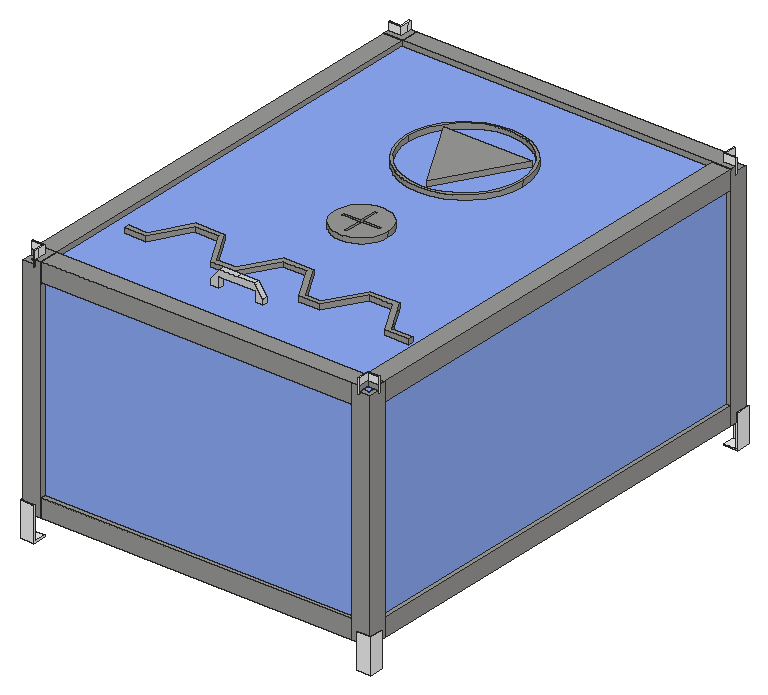
Revit family "5. Секция моноблока UTR AREZ", category Оборудование, Revit 2016
Family settings
  Тип детали = Нормальный
  Размер круглого соединителя = Использовать диаметр
  На основе рабочей плоскости = Нет
  Всегда вертикально = Да
  При загрузке вырезать с полостями = Нет
  Общий = Нет
  Точка расчета площади = Нет
Parameters (values of type "50-25 A.2.22-0,37x27(R)")
  ширина = 500 mm
  размер В = 635 mm
  значок = yes
  высота = 250 mm
  Теплопроизводительность, кВт = 26 kW
  Синий = Синий
  Д1 = Д - 20 mm  # 940 mm
  Д = 960 mm
  ножки(да/нет) [instance] = yes
  Г = 395 mm
  Б1 = Б - 20 mm  # 450 mm
  А1 = А - 20 mm  # 690 mm
  А = 710 mm
  высота ножек = 50 mm
  Б = 470 mm
  Частотный преобразователь [instance] = no
  Частота вращения n, об/мин = "2730"
  Тип, марка, обозначение = "UTR 50-25 AREZ.2.22-0,37x27(R)"
  Сила тока J, А = "1,66/0,96"
  Регулятор расхода [instance] = no
  Раздел = "ОВ"
  Примечание = ""
  Позиция = ""
  Напряжение U,В = "3х220/3х380"
  Наименование и тех.хар-ка = "Секция фильтра, водяного нагревателя и вентилятора с резервным электродвигателем"  # constant formula
  Мощность двигателя N,Вт = "370"
  Материал = RAL 0000 Серый металл
  Масса единицы = "77.5"
  Код, оборудования = ""
  Ключевая пометка = "Вентиляция"
  Задание электрикам [instance] = no
  Задание автоматчикам [instance] = no
  Завод изготовитель = "KORF"  # constant formula
  Единица измерения = "шт."  # constant formula
  h = высота ножек + 10 mm  # 60 mm
Types (46, lengths in mm): name | ширина | размер В | высота | Теплопроизводительность, кВт | Д1 | Д | ножки(да/нет) | Г | Б1 | А1 | А | Б | Частота вращения n, об/мин | Тип, марка, обозначение | Сила тока J, А | Напряжение U,В | Мощность двигателя N,Вт | Материал | Масса единицы
  50-25 A.2.22-0,37x27(R) | 500 | 635 | 250 | 26 kW | 940 | 960 | yes | 395 | 450 | 690 | 710 | 470 | "2730" | "UTR 50-25 AREZ.2.22-0,37x27(R)" | "1,66/0,96" | "3х220/3х380" | "370" | RAL 0000 Серый металл | "77.5"
  50-25 A.2.25-0,55x27(R) | 500 | 635 | 250 | 26 kW | 940 | 960 | no | 395 | 450 | 690 | 710 | 470 | "2730" | "UTR 50-25 AREZ.2.22-0,55x27(R)" | "2,47/1,43" | "3х220/3х380" | "550" | Сталь серая | "80.5"
  50-30 A.2.25-0,55x27(R) | 500 | 635 | 300 | 30.9 kW | 940 | 960 | no | 445 | 500 | 690 | 710 | 520 | "2730" | "UTR 50-30 AREZ.2.25-0,55x27(R)" | "2,47/1,43" | "3х220/3х380" | "550" | Сталь серая | "84.5"
  50-30 A.2.28-1,1x28(R) | 500 | 635 | 300 | 30.9 kW | 1040 | 1060 | no | 445 | 500 | 690 | 710 | 520 | "2800" | "UTR 50-30 AREZ.2.28-1,1x28(R)" | "4,4/2,52" | "3х220/3х380" | "1100" | Сталь серая | "95"
  50-30 A.2.31-1,1x28(R) | 500 | 635 | 300 | 30.9 kW | 1040 | 1060 | no | 445 | 500 | 690 | 710 | 520 | "2800" | "UTR 50-30 AREZ.2.31-1,1x28(R)" | "4,4/2,52" | "3х220/3х380" | "1100" | Сталь серая | "95"
  60-30 A.2.28-1,1x28(R) | 600 | 735 | 300 | 37.4 kW | 1040 | 1060 | no | 445 | 500 | 790 | 810 | 520 | "2800" | "UTR 60-30 AREZ.2.28-1,1x28(R)" | "4,4/2,52" | "3х220/3х380" | "1100" | Сталь серая | "101"
  60-30 A.2.31-1,1x28(R) | 600 | 735 | 300 | 37.4 kW | 1040 | 1060 | no | 445 | 500 | 790 | 810 | 520 | "2800" | "UTR 60-30 AREZ.2.31-1,1x28(R)" | "4,4/2,52" | "3х220/3х380" | "1100" | Сталь серая | "101"
  60-35 A.2.31-1,1x28(R) | 600 | 735 | 350 | 43.9 kW | 1040 | 1060 | no | 495 | 550 | 790 | 810 | 570 | "2800" | "UTR 60-35 AREZ.2.31-1,1x28(R)" | "4,4/2,52" | "3х220/3х380" | "1100" | Сталь серая | "105"
  60-35 A.2.31-1,5x28(R) | 600 | 735 | 350 | 43.9 kW | 1040 | 1060 | no | 495 | 550 | 790 | 810 | 570 | "2880" | "UTR 60-35 AREZ.2.31-1,5x28(R)" | "5,6/3,3" | "3х220/3х380" | "1500" | Сталь серая | "113.5"
  60-35 A.2.35-2,2x28(R) | 600 | 735 | 350 | 43.9 kW | 1120 | 1140 | no | 495 | 550 | 790 | 810 | 570 | "2860" | "UTR 60-35 AREZ.2.35-2,2x28(R)" | "8,0/4,6" | "3х220/3х380" | "2200" | Сталь серая | "122"
  70-40 A.2.31-1,1x28(R) | 700 | 835 | 400 | 58.5 kW | 1040 | 1060 | no | 545 | 600 | 890 | 910 | 620 | "2800" | "UTR 70-40 AREZ.2.31-1,1x28(R)" | "4,4/2,52" | "3х220/3х380" | "1100" | Сталь серая | "115"
  70-40 A.2.31-2,2x28(R) | 700 | 835 | 400 | 58.5 kW | 1120 | 1140 | no | 545 | 600 | 890 | 910 | 620 | "2860" | "UTR 70-40 AREZ.2.31-2,2x28(R)" | "8,0/4,6" | "3х220/3х380" | "2200" | Сталь серая | "131.5"
  70-40 A.2.35-2,2x28(R) | 700 | 835 | 400 | 58.5 kW | 1120 | 1140 | no | 545 | 600 | 890 | 910 | 620 | "2860" | "UTR 70-40 AREZ.2.35-2,2x28(R)" | "8,0/4,6" | "3х220/3х380" | "2200" | Сталь серая | "131.5"
  80-50 A.2.35-2,2x28(R) | 800 | 935 | 500 | 82.9 kW | 1120 | 1140 | no | 645 | 700 | 990 | 1010 | 720 | "2860" | "UTR 80-50 AREZ.2.35-2,2x28(R)" | "8,0/4,6" | "3х220/3х380" | "2200" | Сталь серая | "147"
  80-50 A.2.35-3,0x28(R) | 800 | 935 | 500 | 82.9 kW | 1120 | 1140 | no | 645 | 700 | 990 | 1010 | 720 | "2860" | "UTR 80-50 AREZ.2.35-3,0x28(R)" | "10,5/6,0" | "3х220/3х380" | "3000" | Сталь серая | "155.5"
  80-50 A.2.40-4,0x28(R) | 800 | 935 | 500 | 82.9 kW | 1240 | 1260 | no | 645 | 700 | 990 | 1010 | 720 | "2850" | "UTR 80-50 AREZ.2.40-4,0x28(R)" | "8,0/4,6" | "3х380/3х660" | "4000" | Сталь серая | "180.5"
  90-50 A.2.35-3,0x28(R) | 900 | 1050 | 500 | 92.6 kW | 1120 | 1140 | no | 645 | 720 | 1140 | 1160 | 740 | "2860" | "UTR 90-50 AREZ.2.35-3,0x28(R)" | "10,5/6,0" | "3х220/3х380" | "3000" | Сталь серая | "167.5"
  90-50 A.2.40-4,0x28(R) | 900 | 1050 | 500 | 92.6 kW | 1240 | 1260 | no | 645 | 720 | 1140 | 1160 | 740 | "2850" | "UTR 90-50 AREZ.2.40-4,0x28(R)" | "8,0/4,6" | "3х380/3х660" | "4000" | Сталь серая | "191.5"
  90-50 A.2.45-3,0x14(R) | 900 | 1050 | 500 | 92.6 kW | 1240 | 1260 | no | 645 | 720 | 1140 | 1160 | 740 | "1410" | "UTR 90-50 AREZ.2.45-3,0x14(R)" | "11,6/6,7" | "3х220/3х380" | "3000" | Сталь серая | "187.5"
  100-50 A.2.40-4,0x28(R) | 1000 | 1150 | 500 | 102.4 kW | 1240 | 1260 | yes | 665 | 720 | 1205 | 1225 | 740 | "2850" | "UTR 100-50 AREZ.2.40-4,0x28(R)" | "8,0/4,6" | "3х380/3х660" | "4000" | Сталь серая | "198.5"
  100-50 A.2.45-3,0x28(R) | 1000 | 1150 | 500 | 102.4 kW | 1240 | 1260 | no | 665 | 720 | 1205 | 1225 | 740 | "1410" | "UTR 100-50 AREZ.2.45-3,0x14(R)" | "11,6/6,7" | "3х220/3х380" | "3000" | Сталь серая | "196.5"
  100-50 A.2.45-4,0x14(R) | 1000 | 1150 | 500 | 102.4 kW | 1300 | 1320 | no | 665 | 720 | 1205 | 1225 | 740 | "1410" | "UTR 100-50 AREZ.2.45-4,0x14(R)" | "8,5/4,9" | "3х380/3х660" | "4000" | Сталь серая | "211"
  100-50 A.2.45-5,5x14(R) | 1000 | 1150 | 500 | 102.4 kW | 1300 | 1320 | no | 665 | 720 | 1205 | 1225 | 740 | "1430" | "UTR 100-50 AREZ.2.45-5,5x14(R)" | "11,0/6,5" | "3х380/3х660" | "5500" | Сталь серая | "233"
  50-25 A.3.22-0,37x27(R) | 500 | 635 | 250 | 31.4 kW | 940 | 960 | no | 395 | 450 | 690 | 710 | 470 | "2730" | "UTR 50-25 AREZ.3.22-0,37x27(R)" | "1,66/0,96" | "3х220/3х380" | "370" | Сталь серая | "80.5"
  50-25 A.3.22-0,55x27(R) | 500 | 635 | 250 | 31.4 kW | 940 | 960 | no | 395 | 450 | 690 | 710 | 470 | "2730" | "UTR 50-25 AREZ.3.22-0,55x27(R)" | "2,47/1,43" | "3х220/3х380" | "550" | Сталь серая | "81.5"
  50-30 A.3.25-0,55x27(R) | 500 | 635 | 300 | 37.3 kW | 940 | 960 | no | 445 | 500 | 690 | 710 | 520 | "2730" | "UTR 50-30 AREZ.3.25-0,55x27(R)" | "2,47/1,43" | "3х220/3х380" | "550" | Сталь серая | "85.5"
  50-30 A.3.28-1,1x28(R) | 500 | 635 | 300 | 37.3 kW | 1040 | 1060 | no | 445 | 500 | 690 | 710 | 520 | "2800" | "UTR 50-30 AREZ.3.28-1,1x28(R)" | "4,4/2,52" | "3х220/3х380" | "1100" | Сталь серая | "96"
  50-30 A.3.31-1,1x28(R) | 500 | 635 | 300 | 37.3 kW | 1040 | 1060 | no | 445 | 500 | 690 | 710 | 520 | "2800" | "UTR 50-30 AREZ.3.31-1,1x28(R)" | "4,4/2,52" | "3х220/3х380" | "1100" | Сталь серая | "96"
  60-30 A.3.28-1,1x28(R) | 600 | 735 | 300 | 45.2 kW | 1040 | 1060 | no | 445 | 500 | 790 | 810 | 520 | "2800" | "UTR 60-30 AREZ.3.28-1,1x28(R)" | "4,4/2,52" | "3х220/3х380" | "1100" | Сталь серая | "103"
  60-30 A.3.31-1,1x28(R) | 600 | 735 | 300 | 45.2 kW | 1040 | 1060 | no | 445 | 500 | 790 | 810 | 520 | "2800" | "UTR 60-30 AREZ.3.31-1,1x28(R)" | "4,4/2,52" | "3х220/3х380" | "1100" | Сталь серая | "103"
  60-35 A.3.31-1,1x28(R) | 600 | 735 | 350 | 53 kW | 1040 | 1060 | no | 495 | 550 | 790 | 810 | 570 | "2800" | "UTR 60-35 AREZ.3.31-1,1x28(R)" | "4,4/2,52" | "3х220/3х380" | "1100" | Сталь серая | "107"
  60-35 A.3.31-1,5x28(R) | 600 | 735 | 350 | 53 kW | 1040 | 1060 | no | 495 | 550 | 790 | 810 | 570 | "2880" | "UTR 60-35 AREZ.3.31-1,5x28(R)" | "5,6/3,3" | "3х220/3х380" | "1500" | Сталь серая | "115.5"
  60-35 A.3.35-2,2x28(R) | 600 | 735 | 350 | 53 kW | 1120 | 1140 | no | 495 | 550 | 790 | 810 | 570 | "2860" | "UTR 60-35 AREZ.3.35-2,2x28(R)" | "8,0/4,6" | "3х220/3х380" | "1500" | Сталь серая | "124"
  70-40 A.3.31-1,1x28(R) | 700 | 835 | 400 | 70.7 kW | 1040 | 1060 | no | 545 | 600 | 890 | 910 | 620 | "2800" | "UTR 70-40 AREZ.3.31-1,1x28(R)" | "4,4/2,52" | "3х220/3х380" | "1100" | Сталь серая | "118"
  70-40 A.3.31-2,2x28(R) | 700 | 835 | 400 | 70.7 kW | 1120 | 1140 | no | 545 | 600 | 890 | 910 | 620 | "2860" | "UTR 70-40 AREZ.3.31-2,2x28(R)" | "8,0/4,6" | "3х220/3х380" | "2200" | Сталь серая | "134.5"
  70-40 A.3.35-2,2x28(R) | 700 | 835 | 400 | 70.7 kW | 1120 | 1140 | no | 545 | 600 | 890 | 910 | 620 | "2860" | "UTR 70-40 AREZ.3.35-2,2x28(R)" | "8,0/4,6" | "3х220/3х380" | "2200" | Сталь серая | "134.5"
  80-50 A.3.35-2,2x28(R) | 800 | 935 | 500 | 100.1 kW | 1120 | 1140 | no | 645 | 700 | 990 | 1010 | 720 | "2860" | "UTR 80-50 AREZ.3.35-2,2x28(R)" | "8,0/4,6" | "3х220/3х380" | "2200" | Сталь серая | "150"
  80-50 A.3.35-3,0x28(R) | 800 | 935 | 500 | 100.1 kW | 1120 | 1140 | no | 645 | 700 | 990 | 1010 | 720 | "2860" | "UTR 80-50 AREZ.3.35-3,0x28(R)" | "10,5/6,0" | "3х220/3х380" | "3000" | Сталь серая | "158.5"
  80-50 A.3.40-4,0x28(R) | 800 | 935 | 500 | 100.1 kW | 1240 | 1260 | no | 645 | 700 | 990 | 1010 | 720 | "2850" | "UTR 80-50 AREZ.3.40-4,0x28(R)" | "8,0/4,6" | "3х380/3х660" | "4000" | Сталь серая | "183.5"
  90-50 A.3.35-3,0x28(R) | 900 | 1050 | 500 | 111.9 kW | 1120 | 1140 | no | 645 | 720 | 1140 | 1160 | 740 | "2860" | "UTR 90-50 AREZ.3.35-3,0x28(R)" | "10,5/6,0" | "3х220/3х380" | "3000" | Сталь серая | "172.5"
  90-50 A.3.40-4,0x28(R) | 900 | 1050 | 500 | 111.9 kW | 1240 | 1260 | no | 645 | 720 | 1140 | 1160 | 740 | "2850" | "UTR 90-50 AREZ.3.40-4,0x28(R)" | "8,0/4,6" | "3х380/3х660" | "4000" | Сталь серая | "195.5"
  90-50 A.3.45-3,0x14(R) | 900 | 1050 | 500 | 111.9 kW | 1240 | 1260 | no | 645 | 720 | 1140 | 1160 | 740 | "1410" | "UTR 90-50 AREZ.3.45-3,0x14(R)" | "11,6/6,7" | "3х220/3х380" | "3000" | Сталь серая | "191.5"
  100-50 A.3.40-4,0x28(R) | 1000 | 1150 | 500 | 123.7 kW | 1240 | 1260 | no | 665 | 720 | 1205 | 1225 | 740 | "2850" | "UTR 100-50 AREZ.3.40-4,0x28(R)" | "8,0/4,6" | "3х380/3х660" | "4000" | Сталь серая | "203.5"
  100-50 A.3.45-3,0x14(R) | 1000 | 1150 | 500 | 123.7 kW | 1240 | 1260 | no | 665 | 720 | 1205 | 1225 | 740 | "1410" | "UTR 100-50 AREZ.3.45-3,0x14(R)" | "11,6/6,7" | "3х220/3х380" | "3000" | Сталь серая | "199.5"
  100-50 A.3.45-4,0x14(R) | 1000 | 1150 | 500 | 123.7 kW | 1300 | 1320 | no | 665 | 720 | 1205 | 1225 | 740 | "1410" | "UTR 100-50 AREZ.3.45-4,0x14(R)" | "8,5/4,9" | "3х380/3х660" | "4000" | Сталь серая | "216"
  100-50 A.3.45-5,5x14(R) | 1000 | 1150 | 500 | 123.7 kW | 1300 | 1320 | no | 665 | 720 | 1205 | 1225 | 740 | "1430" | "UTR 100-50 AREZ.3.45-5,5x14(R)" | "11,0/6,5" | "3х380/3х660" | "5500" | Сталь серая | "238"
Reference planes
  plane 1 "По центру (Вперед/Назад)": y = 0
  plane 2: z = 0
  plane 3 "По центру (Влево/Вправо)": x = 0
  plane 4: x = -345
  plane 5: x = 345
  plane 6: y = 470
  plane 7: y = -470
  plane 8: z = 510
  plane 9: z = 60
  plane 10: z = 535
  plane 11: z = 554.116
  plane 12: y = -370
  plane 13: z = 440
  plane 14: z = 320
  plane 15: z = 250
  plane 16: z = 130
  plane 17: y = -100
  plane 18: y = -200
Forms (mm)
  Extrusion 1, solid, material "Синий" <- "Синий", detail levels fine
    sketch origin (0, 0, 50) x (1, 0, 0) y (0, 1, 0)
      loop
        line (-345, 470) -> (-345, -470) -> (345, -470) -> (345, 470) -> (-345, 470)
    from 10 to 460
  Sweep 2, solid, material "RAL 0000 Серый металл" <- "Материал", detail levels fine
    path origin (345, -470, 50) x (-1, 0, 0) y (0, 0, -1)
      loop
        line (0, -460) -> (690, -460) -> (690, -10) -> (0, -10) -> (0, -460)
    profile "Профиль уголок 10х10 : Профиль уголок 10х10" origin (0, -470, 510) x (0, 0, -1) y (0, -1, 0)
      loop
        line (0, -27.5) -> (0, 0) -> (27.5, 0) -> (27.5, 10) -> (-10, 10) -> (-10, -27.5) -> (0, -27.5)
  Sweep 3, solid, material "RAL 0000 Серый металл" <- "Материал", detail levels fine
    path origin (-345, 470, 50) x (1, 0, 0) y (0, 0, -1)
      loop
        line (0, -460) -> (690, -460) -> (690, -10) -> (0, -10) -> (0, -460)
    profile "Профиль уголок 10х10 : Профиль уголок 10х10" origin (0, 470, 510) x (0, 0, -1) y (0, 1, 0)
      loop
        line (0, -27.5) -> (0, 0) -> (27.5, 0) -> (27.5, 10) -> (-10, 10) -> (-10, -27.5) -> (0, -27.5)
  Sweep 4, solid, material "RAL 0000 Серый металл" <- "Материал", detail levels fine
    path origin (345, 470, 50) x (0, -1, 0) y (0, 0, -1)
      loop
        line (0, -460) -> (940, -460) -> (940, -10) -> (0, -10) -> (0, -460)
    profile "Профиль уголок 10х10 : Профиль уголок 10х10" origin (345, 0, 510) x (0, 0, -1) y (1, 0, 0)
      loop
        line (0, -27.5) -> (0, 0) -> (27.5, 0) -> (27.5, 10) -> (-10, 10) -> (-10, -27.5) -> (0, -27.5)
  Sweep 5, solid, material "RAL 0000 Серый металл" <- "Материал", detail levels fine
    path origin (-345, -470, 50) x (0, 1, 0) y (0, 0, -1)
      loop
        line (0, -460) -> (940, -460) -> (940, -10) -> (0, -10) -> (0, -460)
    profile "Профиль уголок 10х10 : Профиль уголок 10х10" origin (-345, 0, 510) x (0, 0, -1) y (-1, 0, 0)
      loop
        line (0, -27.5) -> (0, 0) -> (27.5, 0) -> (27.5, 10) -> (-10, 10) -> (-10, -27.5) -> (0, -27.5)
  Extrusion 6, void
    sketch origin (-345, -19.965, 60) x (0, -1, 0) y (0, 0, -1)
      loop
        line (-477.965, -475) -> (-477.965, -450) -> (-528.913, -450) -> (-528.913, -475) -> (-477.965, -475)
    from -47.452 to 12
  Extrusion 7, void, not visible
    sketch origin (-345, -245, 50) x (0, -1, 0) y (0, 0, -1)
      loop
        line (-477.965, -475) -> (-477.965, -450) -> (-528.913, -450) -> (-528.913, -475) -> (-477.965, -475)
    from -47.452 to 12
  Extrusion 8, void
    sketch origin (345, 19.965, 60) x (0, 1, 0) y (0, 0, -1)
      loop
        line (438.035, -475) -> (488.984, -475) -> (488.984, -450) -> (438.035, -450) -> (438.035, -475)
    from -47.452 to 12
  Extrusion 9, void
    sketch origin (-345, -19.965, 60) x (0, -1, 0) y (0, 0, -1)
      loop
        line (438.035, -475) -> (488.984, -475) -> (488.984, -450) -> (438.035, -450) -> (438.035, -475)
    from -47.452 to 12
  Extrusion 10, void
    sketch origin (345, 19.965, 60) x (0, 1, 0) y (0, 0, -1)
      loop
        line (-477.965, -475) -> (-477.965, -450) -> (-528.913, -450) -> (-528.913, -475) -> (-477.965, -475)
    from -47.452 to 12
  Extrusion 11, solid, not visible
    sketch origin (-505, -587.871, 771.514) x (0, 1, 0) y (0, 0, -1)
      loop
        circle (381.646, 195.63) r 15
    from -25 to 0
  Extrusion 12, solid, not visible
    sketch origin (-505, -645.574, 666.29) x (0, 1, 0) y (0, 0, -1)
      loop
        circle (381.646, 445.63) r 15
    from -25 to 0
  Extrusion 13, solid, not visible
    sketch origin (-505, -604.842, 567.007) x (0, 1, 0) y (0, 0, -1)
      loop
        circle (381.646, 445.63) r 8
    from -25 to 0
  Extrusion 14, solid, not visible
    sketch origin (-505, -624.085, 872.587) x (0, 1, 0) y (0, 0, -1)
      loop
        circle (381.646, 195.63) r 8
    from -25 to 0
  Extrusion 15, solid, detail levels fine
    sketch origin (-623.024, -9.131, 0) x (0, 1, 0) y (0, 0, 1)
      loop
        circle (-90, 320) r 15
      loop
        circle (-190, 440) r 10
      loop
        circle (-190, 250) r 15
      loop
        circle (-90, 130) r 10
    from 268.024 to 500
  Extrusion 16, solid, material "RAL 0000 Серый металл" <- "Материал", visible <- "значок", detail levels fine
    sketch origin (0, 0, 0) x (1, 0, 0) y (0, 1, 0)
      loop
        circle (0, 205.076) r 120
      loop
        circle (0, 205.076) r 115
      loop
        line (0, 265) -> (-90, 265) -> (0, 109.115) -> (90, 265) -> (0, 265)
      loop
        circle (0, -58.567) r 55
      loop
        line (-2.65, -21.167) -> (-2.65, -56.37) -> (-37.853, -56.37) -> (-37.853, -61.37) -> (-2.65, -61.37) -> (-2.65, -96.873) -> (2.35, -96.873) -> (2.35, -61.37) -> (37.853, -61.37) -> (37.853, -56.37) -> (2.35, -56.37) -> (2.35, -21.167) -> (-2.65, -21.167)
      loop
        line (-282.02, -300.971) -> (-282.02, -310.971) -> (-239.133, -310.971) -> (-197.479, -238.823) -> (-148.252, -238.823) -> (-106.598, -310.971) -> (-57.938, -310.971) -> (-16.283, -238.823) -> (32.943, -238.823) -> (74.598, -310.971) -> (117.484, -310.971) -> (159.139, -238.823) -> (208.365, -238.823) -> (250.02, -310.971) -> (298.68, -310.971) -> (298.68, -300.971) -> (255.793, -300.971) -> (214.139, -228.823) -> (153.365, -228.823) -> (111.711, -300.971) -> (80.371, -300.971) -> (38.717, -228.823) -> (-22.057, -228.823) -> (-63.711, -300.971) -> (-100.824, -300.971) -> (-142.479, -228.823) -> (-203.252, -228.823) -> (-244.907, -300.971) -> (-282.02, -300.971)
    from 510 to 520
Cuts and joins
  Extrusion 6, Extrusion 8, Extrusion 9, Extrusion 10 cuts Extrusion 1
  Extrusion 6, Extrusion 8, Extrusion 9, Extrusion 10 cuts Sweep 3
  Extrusion 6, Extrusion 8, Extrusion 9 cuts Sweep 5
  Extrusion 8, Extrusion 10 cuts Sweep 4
  Extrusion 9, Extrusion 10 cuts Sweep 2
Dimensions and locks
  equal spacing: plane 6, plane 1 "По центру (Вперед/Назад)", plane 7
  "Д1": plane 6 to plane 7
  equal spacing: plane 4, plane 3 "По центру (Влево/Вправо)", plane 5
  "А1": plane 4 to plane 5
  "h": plane 9 to level
  "Б1": plane 8 to plane 9
  locked: plane 10 to plane 8 at 25
  locked: plane 11 to plane 8 at 44.116
  plane 12 to plane 7 = 100 mm
  locked: plane 16 to plane 9 at 70
  locked: plane 15 to plane 9 at 190
  locked: plane 8 to plane 13 at 70
  locked: plane 8 to plane 14 at 190
  locked: plane 1 "По центру (Вперед/Назад)" to plane 17 at 100
  locked: plane 1 "По центру (Вперед/Назад)" to plane 18 at 200
  cut or joined group of Sweep 2, Extrusion 9, Extrusion 10 to level = 50 mm
  aligned and locked: level to plane 2
  aligned and locked: plane 6 to Extrusion 1
  aligned and locked: Extrusion 1 to plane 5
  aligned and locked: Extrusion 1 to plane 7
  aligned and locked: Extrusion 1 to plane 4
  aligned and locked: plane 8 to Extrusion 1
  aligned and locked: Extrusion 1 to plane 9
  aligned and locked: Sweep 4 sketch curve to Extrusion 1  (x2)
  aligned and locked: Sweep 5 sketch curve to Extrusion 1  (x2)
  aligned and locked: nested 1 to Sweep 5  (x2)
  aligned and locked: nested 2 to Sweep 4
  aligned and locked: Sweep 4 to nested 2
  aligned and locked: nested 4 to Sweep 4  (x2)
  aligned and locked: Sweep 5 to nested 3
  aligned and locked: nested 3 to Sweep 5
  aligned and locked: Extrusion 6 to nested 5  (x2)
  aligned and locked: Extrusion 8 to nested 7
  aligned and locked: nested 7 to Extrusion 8
  aligned and locked: Extrusion 9 to nested 8
  aligned and locked: nested 8 to Extrusion 9
  aligned and locked: Extrusion 10 to nested 9
  aligned and locked: nested 9 to Extrusion 10
  aligned and locked: nested 8 to cut or joined group of Sweep 2, Extrusion 9, Extrusion 10  (x2)
  aligned and locked: nested 5 to cut or joined group of Sweep 3, Extrusion 6, Extrusion 8, Extrusion 9, Extrusion 10
  aligned and locked: nested 5 to cut or joined group of Sweep 5, Extrusion 6, Extrusion 8, Extrusion 9
  aligned and locked: nested 7 to cut or joined group of Sweep 4, Extrusion 8, Extrusion 10
  aligned and locked: nested 7 to cut or joined group of Sweep 3, Extrusion 6, Extrusion 8, Extrusion 9, Extrusion 10
  aligned and locked: nested 9 to cut or joined group of Sweep 2, Extrusion 9, Extrusion 10
  aligned and locked: cut or joined group of Sweep 2, Extrusion 9, Extrusion 10 to nested 9
  aligned and locked: nested 8 to plane 10
  aligned and locked: plane 10 to nested 9
  aligned and locked: plane 10 to nested 5
  aligned and locked: nested 7 to plane 10
  aligned and locked: plane 11 to nested 10
  aligned and locked: nested 10 to plane 12
  aligned and locked: cut or joined group of Sweep 5, Extrusion 6, Extrusion 8, Extrusion 9 to Extrusion 15
  aligned and locked: nested 11 to plane 6
  aligned and locked: nested 12 to plane 9
  aligned and locked: cut or joined group of Sweep 3, Extrusion 6, Extrusion 8, Extrusion 9, Extrusion 10 to Extrusion 16
Automatic sketch dimensions
  Extrusion 6 sketch curve to Extrusion 6 sketch curve = 50.949 mm
  Extrusion 6 sketch curve to Extrusion 6 sketch curve = 25 mm
  Extrusion 7 sketch curve to Extrusion 7 sketch curve = 50.949 mm
  Extrusion 7 sketch curve to Extrusion 7 sketch curve = 25 mm
  Extrusion 8 sketch curve to Extrusion 8 sketch curve = 50.949 mm
  Extrusion 8 sketch curve to Extrusion 8 sketch curve = 25 mm
  Extrusion 9 sketch curve to Extrusion 9 sketch curve = 50.949 mm
  Extrusion 9 sketch curve to Extrusion 9 sketch curve = 25 mm
  Extrusion 10 sketch curve to Extrusion 10 sketch curve = 50.949 mm
  Extrusion 10 sketch curve to Extrusion 10 sketch curve = 25 mm
  Extrusion 1 sketch curve to plane 4 = 0 mm
  Extrusion 1 sketch curve to plane 5 = 0 mm
  Extrusion 1 sketch curve to plane 7 = 0 mm
  Extrusion 1 sketch curve to plane 6 = 0 mm
  Sweep 2 sketch curve to Extrusion 1 = 0 mm  (x4)
  Sweep 3 sketch curve to Extrusion 1 = 0 mm  (x3)
  Extrusion 1 to Sweep 3 sketch curve = 0 mm
  Sweep 4 sketch curve to Extrusion 1 = 0 mm  (x2)
  Sweep 5 sketch curve to Extrusion 1 = 0 mm  (x2)
  Extrusion 15 sketch curve to plane 13 = 0 mm
  plane 18 to Extrusion 15 sketch curve = 0.869 mm  (x2)
  Extrusion 15 sketch curve to plane 15 = 0 mm
  Extrusion 15 sketch curve to plane 16 = 0 mm
  plane 17 to Extrusion 15 sketch curve = 0.869 mm  (x2)
  Extrusion 15 sketch curve to plane 14 = 0 mm
  Extrusion 16 sketch curve to Extrusion 16 sketch curve = 0 mm  (x2)
  Extrusion 16 sketch curve to plane 3 "По центру (Влево/Вправо)" = 0 mm  (x4)
  Extrusion 16 sketch curve to plane 3 "По центру (Влево/Вправо)" = 2.65 mm  (x2)
  Extrusion 16 sketch curve to plane 3 "По центру (Влево/Вправо)" = 16.283 mm
  Extrusion 16 sketch curve to Extrusion 16 sketch curve = 5.774 mm  (x12)
  Extrusion 16 sketch curve to Extrusion 16 sketch curve = 35.204 mm
  Extrusion 16 sketch curve to plane 3 "По центру (Влево/Вправо)" = 57.938 mm
  Extrusion 16 sketch curve to plane 3 "По центру (Влево/Вправо)" = 90 mm
  Extrusion 16 sketch curve to Extrusion 16 sketch curve = 37.113 mm  (x2)
  plane 12 to Extrusion 16 sketch curve = 59.029 mm  (x4)
  Extrusion 16 sketch curve to plane 18 = 28.823 mm  (x2)
  Extrusion 16 sketch curve to Extrusion 16 sketch curve = 41.654 mm  (x4)
  Extrusion 16 sketch curve to plane 18 = 38.823 mm  (x2)
  Extrusion 16 sketch curve to Extrusion 16 sketch curve = 49.226 mm  (x2)
  plane 3 "По центру (Влево/Вправо)" to Extrusion 16 sketch curve = 2.35 mm  (x2)
  plane 3 "По центру (Влево/Вправо)" to Extrusion 16 sketch curve = 32.943 mm
  Extrusion 16 sketch curve to Extrusion 16 sketch curve = 35.503 mm
  plane 3 "По центру (Влево/Вправо)" to Extrusion 16 sketch curve = 74.598 mm
  plane 3 "По центру (Влево/Вправо)" to Extrusion 16 sketch curve = 90 mm
  Extrusion 16 sketch curve to Extrusion 16 sketch curve = 31.34 mm
  Extrusion 16 sketch curve to Extrusion 16 sketch curve = 10 mm  (x6)
  plane 17 to Extrusion 16 sketch curve = 3.127 mm
  plane 17 to Extrusion 16 sketch curve = 38.63 mm  (x2)
  Extrusion 16 sketch curve to Extrusion 16 sketch curve = 2.803 mm
  Extrusion 16 sketch curve to Extrusion 16 sketch curve = 2.197 mm
  Extrusion 16 sketch curve to Extrusion 16 sketch curve = 5 mm
  plane 1 "По центру (Вперед/Назад)" to Extrusion 16 sketch curve = 21.167 mm
  Extrusion 16 sketch curve to plane 1 "По центру (Вперед/Назад)" = 109.115 mm
  Extrusion 16 sketch curve to Extrusion 16 sketch curve = 95.96 mm
  Extrusion 16 sketch curve to Extrusion 16 sketch curve = 59.924 mm
  Extrusion 16 sketch curve to Extrusion 16 sketch curve = 42.887 mm
  radius of Extrusion 11 sketch curve = 15 mm
  radius of Extrusion 12 sketch curve = 15 mm
  radius of Extrusion 13 sketch curve = 8 mm
  radius of Extrusion 14 sketch curve = 8 mm
  radius of Extrusion 15 sketch curve = 15 mm  (x2)
  radius of Extrusion 15 sketch curve = 10 mm  (x2)
  radius of Extrusion 16 sketch curve = 120 mm
  radius of Extrusion 16 sketch curve = 115 mm
  radius of Extrusion 16 sketch curve = 55 mm
Nested families
  nested 1: "Ножка 50мм" at (-358, 483, 0), visible <- "ножки(да/нет)", type "Ножка 50мм", detail levels fine
  nested 2: "Ножка 50мм" at (358, 483, 0) x (-1, 0, 0) z (0, 0, 1), visible <- "ножки(да/нет)", type "Ножка 50мм", detail levels fine
  nested 3: "Ножка 50мм" at (-358, -483, 0), visible <- "ножки(да/нет)", type "Ножка 50мм", detail levels fine
  nested 4: "Ножка 50мм" at (358, -483, 0) x (-1, 0, 0) z (0, 0, 1), visible <- "ножки(да/нет)", type "Ножка 50мм", detail levels fine
  nested 5: "крепление 15мм" at (-330, 455, 505), type "крепление 15мм", detail levels fine
  nested 6: "крепление 15мм" at (-330, 229.965, 495), type "крепление 15мм", not visible, detail levels fine
  nested 7: "крепление 15мм" at (330, 455, 505) x (-1, 0, 0) z (0, 0, 1), type "крепление 15мм", detail levels fine
  nested 8: "крепление 15мм" at (-330, -455, 505), type "крепление 15мм", detail levels fine
  nested 9: "крепление 15мм" at (330, -455, 505) x (-1, 0, 0) z (0, 0, 1), type "крепление 15мм", detail levels fine
  nested 10: "Ручка" at (-5, -360, 520.116), type "Ручка", detail levels fine
  nested 11: "УГО секция моноблока (план)" at (0, 0, 510), длина <- "Д1", Ширина <- "А1", type "1", detail levels coarse
    with длина 940 mm, Ширина 690 mm
  nested 12: "УГО секция моноблока (разрез)" at (0, 0, 60) x (0, 1, 0) z (0, 0, 1), длина <- "Д1", высота <- "Б1", type "УГО секция моноблока (разрез)", detail levels medium
    with длина 940 mm, высота 450 mm, Ширина 0 mm
Connectors
  hvac at (0, -480, 285), driven by "высота", driven by "ширина"
    settings: on cut or joined group of Sweep 2, Extrusion 9, Extrusion 10, index 1, duct flow 0.0 L/s, flow factor 0, pres drop 0.0 Pa, loss coef 0, conn angle 0.00°, conn width 500 mm, conn height 250 mm, conn diameter 609.6 mm, duct sys type 28, conn prof type 1, flow config 0, flow direction 0, loss method 0, conn ref index 6, conn util no, is conn primary yes, conn desc ""
  piping at (-355, -99.131, 320), diameter 30
    settings: on Extrusion 15, index 2, connector inside diameter 609.6 mm, connector length 0 mm, flow factor 0, pipe flow 0.0 L/s, pressure drop 0.0 Pa, fitting loss kfactor 0, connector angle 0.00°, fixture units 0, engagement length 0 mm, angle of deflection 0.00°, flow configuration 0, flow direction 0, fitting loss method 0, system type 28, joint type 0, gender type 0, connector reference index -1, connector utility 0, adjustable connector no, is connector primary yes, connector description ""
  piping at (-355, -199.131, 250), diameter 30
    settings: on Extrusion 15, index 3, connector inside diameter 609.6 mm, connector length 0 mm, flow factor 0, pipe flow 0.0 L/s, pressure drop 0.0 Pa, fitting loss kfactor 0, connector angle 0.00°, fixture units 0, engagement length 0 mm, angle of deflection 0.00°, flow configuration 0, flow direction 0, fitting loss method 0, system type 28, joint type 0, gender type 0, connector reference index -1, connector utility 0, adjustable connector no, is connector primary no, connector description ""
  piping at (-355, -199.131, 440), diameter 20
    settings: on Extrusion 15, index 4, connector inside diameter 609.6 mm, connector length 0 mm, flow factor 0, pipe flow 0.0 L/s, pressure drop 0.0 Pa, fitting loss kfactor 0, connector angle 0.00°, fixture units 0, engagement length 0 mm, angle of deflection 0.00°, flow configuration 0, flow direction 0, fitting loss method 0, system type 28, joint type 0, gender type 0, connector reference index -1, connector utility 0, adjustable connector no, is connector primary no, connector description ""
  piping at (-355, -99.131, 130), diameter 20
    settings: on Extrusion 15, index 5, connector inside diameter 609.6 mm, connector length 0 mm, flow factor 0, pipe flow 0.0 L/s, pressure drop 0.0 Pa, fitting loss kfactor 0, connector angle 0.00°, fixture units 0, engagement length 0 mm, angle of deflection 0.00°, flow configuration 0, flow direction 0, fitting loss method 0, system type 28, joint type 0, gender type 0, connector reference index -1, connector utility 0, adjustable connector no, is connector primary no, connector description ""
  hvac at (0, 480, 285), driven by "ширина", driven by "высота"
    settings: on cut or joined group of Sweep 3, Extrusion 6, Extrusion 8, Extrusion 9, Extrusion 10, index 6, duct flow 0.0 L/s, flow factor 0, pres drop 0.0 Pa, loss coef 0, conn angle 0.00°, conn width 500 mm, conn height 250 mm, conn diameter 609.6 mm, duct sys type 28, conn prof type 1, flow config 0, flow direction 0, loss method 0, conn ref index 1, conn util no, is conn primary no, conn desc ""
Definition of nested family "Ножка 50мм"
  Parameters (values of type "Ножка 50мм")
    Материал ножек = none
  Reference planes
    plane 1 "По центру (Вперед/Назад)": y = 0
    plane 2: z = 0
    plane 3 "По центру (Влево/Вправо)": x = 0
  Forms (mm)
    Extrusion 1, solid, material <- "Материал ножек"
      sketch origin (0, 0, 0) x (1, 0, 0) y (0, 1, 0)
        loop
          line (0, 0) -> (0, -28) -> (3, -28) -> (3, -3) -> (28, -3) -> (28, 0) -> (0, 0)
      from 0 to 70
    Extrusion 2, solid, material <- "Материал ножек"
      sketch origin (0, 0, 0) x (1, 0, 0) y (0, 1, 0)
        loop
          line (0, 0) -> (0, -28.035) -> (28.021, -28.035) -> (28.021, 0) -> (0, 0)
      from 0 to 3
  Cuts and joins
    joined: Extrusion 1, Extrusion 2
  Dimensions and locks
    Extrusion 1 sketch curve to Extrusion 1 sketch curve = 3 mm  (x2)
    Extrusion 1 sketch curve to Extrusion 1 sketch curve = 28 mm  (x2)
    aligned and locked: level to plane 2
Definition of nested family "крепление 15мм"
  Parameters (values of type "крепление 15мм")
    Материал крепления = none
  Reference planes
    plane 1 "По центру (Вперед/Назад)": y = 0
    plane 2: z = 0
    plane 3 "По центру (Влево/Вправо)": x = 0
  Forms (mm)
    Extrusion 1, solid, material <- "Материал крепления"
      sketch origin (0, 0, 0) x (1, 0, 0) y (0, 1, 0)
        loop
          line (-25, 0) -> (0, 0) -> (0, 18.31) -> (0, 25) -> (-3, 25) -> (-3, 3) -> (-25, 3) -> (-25, 0)
      from 0 to 30
    Extrusion 2, void
      sketch origin (0, 0, 0) x (1, 0, 0) y (0, 1, 0)
        loop
          line (-3, 3) -> (-3, 54.96) -> (-58, 54.96) -> (-58, 3) -> (-3, 3)
      from 0 to 15
  Cuts and joins
    Extrusion 2 cuts Extrusion 1
  Dimensions and locks
    Extrusion 1 sketch curve to Extrusion 1 sketch curve = 3 mm  (x2)
    Extrusion 1 sketch curve to Extrusion 1 sketch curve to plane 3 "По центру (Влево/Вправо)" = 25 mm, 0 mm
    Extrusion 1 sketch curve to Extrusion 1 sketch curve = 25 mm
    aligned and locked: level to plane 2
Definition of nested family "Ручка"
  Parameters (values of type "Ручка")
    материал ручки = none
  Reference planes
    plane 1 "По центру (Вперед/Назад)": y = 0
    plane 2: z = 0
    plane 3 "По центру (Влево/Вправо)": x = 0
    plane 4: z = 34
  Forms (mm)
    Extrusion 1, solid, material <- "материал ручки"
      sketch origin (0, 0, 0) x (1, 0, 0) y (0, 0, 1)
        loop
          line (-52.874, 0) -> (52.874, 0) -> (52.874, 10) -> (36.069, 34) -> (1.069, 34) -> (-36.069, 34) -> (-52.874, 10) -> (-52.874, 0)
      from 0 to 10
    Extrusion 2, void
      sketch origin (0, 0, 0) x (1, 0, 0) y (0, 0, 1)
        loop
          line (-37.219, -9.96) -> (37.781, -9.96) -> (37.781, 20.04) -> (-37.219, 20.04) -> (-37.219, -9.96)
      from 0 to 50
  Cuts and joins
    Extrusion 2 cuts Extrusion 1
  Dimensions and locks
    plane 4 to level = 34 mm
    aligned and locked: level to plane 2
Definition of nested family "УГО секция моноблока (план)"
  Parameters (values of type "1")
    секция фильтра = 250 mm
    длина [instance] = 750 mm
    Ширина [instance] = 500 mm
    Частота вращения n, об/мин = ""
    Тип, марка, обозначение = ""
    Сила тока J, А = ""
    Раздел = "ВПИСАТЬ РАЗДЕЛ"
    Примечание = ""
    Позиция = ""
    Default Elevation = 1219.2 mm
    Напряжение U,В = ""
    Наименование и тех.хар-ка = ""
    Мощность двигателя N,Вт = ""
    Материал = none
    Масса единицы = ""
    Код, оборудования = ""
    Keynote = "ВПИСАТЬ СПЕЦИАЛЬНОСТЬ"
    Завод изготовитель = ""
    Единица измерения = ""
    Диаметр = 110 mm
  Reference planes
    plane 1 "По центру (Вперед/Назад)": y = 0
    plane 2: z = 0
    plane 3 "По центру (Влево/Вправо)": x = 0
    plane 4: y = 375
    plane 5: y = -375
    plane 6: x = -250
    plane 7: x = 250
  Lines and regions (mm)
    model lines
      curve 1: line (-250, 375, 0) -> (250, 375, 0)
      curve 2: line (-250, -375, 0) -> (-250, 375, 0)
      curve 3: line (250, -375, 0) -> (-250, -375, 0)
      curve 4: line (250, 375, 0) -> (250, -375, 0)
      curve 5: circle (0, 210, 0) r 110 normal (0, 0, 1)
      curve 6: line (0, 100, 0) -> (95.263, 265, 0)
      curve 7: line (-95.263, 265, 0) -> (95.263, 265, 0)
      curve 8: line (0, 100, 0) -> (-95.263, 265, 0)
      curve 12: circle (0, -25, 0) r 50 normal (0, 0, 1)
      curve 13: line (0, 6.433, 0) -> (0, -58.567, 0)
      curve 14: line (-40, -25, 0) -> (40, -25, 0)
      curve 15: line (-250, -125, 0) -> (250, -125, 0)
      curve 20: line (-250, -280, 0) -> (-225, -280, 0)
      curve 21: line (-225, -280, 0) -> (-191.191, -207.495, 0)
      curve 22: line (-191.191, -207.495, 0) -> (-156.728, -207.495, 0)
      curve 23: line (-156.728, -207.495, 0) -> (-131.763, -280, 0)
      curve 24: line (-131.763, -280, 0) -> (-106.763, -280, 0)
      curve 25: line (-106.763, -280, 0) -> (-72.954, -207.495, 0)
      curve 26: line (-72.954, -207.495, 0) -> (-38.491, -207.495, 0)
      curve 27: line (-38.491, -207.495, 0) -> (-13.526, -280, 0)
      curve 28: line (-13.526, -280, 0) -> (11.474, -280, 0)
      curve 29: line (11.474, -280, 0) -> (45.283, -207.495, 0)
      curve 30: line (45.283, -207.495, 0) -> (79.746, -207.495, 0)
      curve 31: line (79.746, -207.495, 0) -> (104.711, -280, 0)
      curve 32: line (104.711, -280, 0) -> (129.711, -280, 0)
      curve 33: line (129.711, -280, 0) -> (163.521, -207.495, 0)
      curve 34: line (163.521, -207.495, 0) -> (197.983, -207.495, 0)
      curve 35: line (197.983, -207.495, 0) -> (222.948, -280, 0)
      curve 36: line (222.948, -280, 0) -> (250, -280, 0)
    symbolic lines
      curve 9: line (-250, -375, 0) -> (-250, -125, 0)
      curve 10: line (250, -375, 0) -> (-250, -375, 0)
      curve 11: line (250, -125, 0) -> (250, -375, 0)
    model lines, not visible
      curve 16: line (-256.413, -197.655, 0) -> (-216.413, -197.655, 0)
      curve 17: line (-216.413, -197.655, 0) -> (-190.304, -265.628, 0)
      curve 18: line (-283.109, -265.628, 0) -> (-256.413, -197.655, 0)
      curve 19: line (-303.109, -265.628, 0) -> (-283.109, -265.628, 0)
      curve 37: line (-250, -280, 0) -> (-225, -280, 0)
      curve 38: line (-225, -280, 0) -> (-191.191, -207.495, 0)
      curve 39: line (-191.191, -207.495, 0) -> (-156.728, -207.495, 0)
      curve 40: line (-156.728, -207.495, 0) -> (-131.763, -280, 0)
      curve 41: line (-131.763, -280, 0) -> (-106.763, -280, 0)
      curve 42: line (-106.763, -280, 0) -> (-72.954, -207.495, 0)
      curve 43: line (-72.954, -207.495, 0) -> (-38.491, -207.495, 0)
      curve 44: line (-38.491, -207.495, 0) -> (-13.526, -280, 0)
      curve 45: line (-13.526, -280, 0) -> (11.474, -280, 0)
      curve 46: line (11.474, -280, 0) -> (45.283, -207.495, 0)
      curve 47: line (45.283, -207.495, 0) -> (79.746, -207.495, 0)
      curve 48: line (79.746, -207.495, 0) -> (104.711, -280, 0)
      curve 49: line (104.711, -280, 0) -> (129.711, -280, 0)
      curve 50: line (129.711, -280, 0) -> (163.521, -207.495, 0)
      curve 51: line (163.521, -207.495, 0) -> (197.983, -207.495, 0)
      curve 52: line (197.983, -207.495, 0) -> (222.948, -280, 0)
      curve 53: line (222.948, -280, 0) -> (250, -280, 0)
  Dimensions and locks
    "Ширина": plane 6 to plane 7
    "длина": plane 4 to plane 5
    equal spacing: plane 5, plane 1 "По центру (Вперед/Назад)", plane 4
    equal spacing: plane 6, plane 3 "По центру (Влево/Вправо)", plane 7
    "Ширина": curve 20 to curve 36
    "Диаметр": radius of curve 5
    aligned and locked: level to plane 2
  Automatic sketch dimensions
    curve 19 to curve 16 = 26.696 mm
    curve 16 to curve 16 = 40 mm
    curve 16 to curve 17 = 26.108 mm
    curve 19 to curve 16 = 67.973 mm
    curve 19 to curve 18 = 20 mm
    curve 17 to curve 16 = 67.973 mm
    curve 15 to plane 6 = 0 mm
    curve 6 to plane 3 "По центру (Влево/Вправо)" = 0 mm
    curve 13 to plane 3 "По центру (Влево/Вправо)" = 0 mm
    curve 5 to plane 3 "По центру (Влево/Вправо)" = 0 mm
    curve 12 to plane 3 "По центру (Влево/Вправо)" = 0 mm
    curve 11 to plane 7 = 0 mm
    plane 5 to curve 9 = 0 mm
    curve 2 to plane 4 = 0 mm
    curve 8 to plane 3 "По центру (Влево/Вправо)" = 95.263 mm
    plane 1 "По центру (Вперед/Назад)" to curve 15 = 125 mm
    plane 1 "По центру (Вперед/Назад)" to curve 12 = 25 mm
    curve 6 to plane 1 "По центру (Вперед/Назад)" = 100 mm
    curve 14 to plane 3 "По центру (Влево/Вправо)" = 40 mm
    plane 3 "По центру (Влево/Вправо)" to curve 14 = 40 mm
    curve 13 to curve 12 = 33.567 mm
    plane 1 "По центру (Вперед/Назад)" to curve 14 = 25 mm
    curve 13 to plane 1 "По центру (Вперед/Назад)" = 6.433 mm
    radius of curve 12 = 50 mm
Definition of nested family "УГО секция моноблока (разрез)"
  Parameters (values of type "УГО секция моноблока (разрез)")
    длина [instance] = 750 mm
    высота [instance] = 410 mm
    Ширина [instance] = 410 mm
    Частота вращения n, об/мин = ""
    Тип, марка, обозначение = ""
    Сила тока J, А = ""
    Раздел = ""
    Примечание = ""
    Позиция = ""
    Default Elevation = 1219.2 mm
    Напряжение U,В = ""
    Наименование и тех.хар-ка = ""
    Мощность двигателя N,Вт = ""
    Материал = none
    Масса единицы = ""
    Код, оборудования = ""
    Keynote = ""
    Завод изготовитель = ""
    Единица измерения = ""
    Диаметр = 110 mm
  Reference planes
    plane 1 "По центру (Вперед/Назад)": y = 0
    plane 2: z = 0
    plane 3 "По центру (Влево/Вправо)": x = 0
    plane 4: z = 410
    plane 5: x = 375
    plane 6: x = -375
    plane 7: z = 205
  Lines and regions (mm)
    model lines
      curve 1: circle (160, 0, 205) r 110 normal (0, -1, 0)
      curve 2: line (50, 0, 205) -> (213.146, 0, 108.691)
      curve 3: line (50, 0, 205) -> (213.146, 0, 301.309)
      curve 4: line (-375, 0, 0) -> (375, 0, 0)
      curve 5: line (-375, 0, 410) -> (-375, 0, 0)
      curve 6: line (375, 0, 410) -> (-375, 0, 410)
      curve 7: line (375, 0, 0) -> (375, 0, 410)
      curve 8: line (213.146, 0, 108.691) -> (213.146, 0, 301.309)
      curve 10: line (-80, 0, 265) -> (-80, 0, 145)
      curve 11: line (-140, 0, 205) -> (-20, 0, 205)
      curve 12: line (-250, 0, 0) -> (-250, 0, 410)
      curve 13: line (-280.119, 0, 410) -> (-280.119, 0, 385)
      curve 14: line (-280.119, 0, 385) -> (-353.317, 0, 341.79)
      curve 15: line (-353.317, 0, 341.79) -> (-353.317, 0, 291.79)
      curve 16: line (-280.119, 0, 223.58) -> (-280.119, 0, 248.58)
      curve 17: line (-280.119, 0, 248.58) -> (-353.317, 0, 291.79)
      curve 18: line (-280.119, 0, 223.58) -> (-353.317, 0, 180.369)
      curve 19: line (-353.317, 0, 180.369) -> (-353.317, 0, 130.369)
      curve 20: line (-280.119, 0, 62.159) -> (-280.119, 0, 87.159)
      curve 21: line (-280.119, 0, 87.159) -> (-353.317, 0, 130.369)
    symbolic lines
      curve 9: circle (-80, 0, 205) r 60 normal (0, -1, 0)
    model lines, not visible
      curve 22: line (-221.24, 0, 390.072) -> (-221.24, 0, 365.072)
      curve 23: line (-221.24, 0, 365.072) -> (-294.438, 0, 321.862)
      curve 24: line (-294.438, 0, 321.862) -> (-294.438, 0, 271.862)
      curve 25: line (-221.24, 0, 203.652) -> (-221.24, 0, 228.652)
      curve 26: line (-221.24, 0, 228.652) -> (-294.438, 0, 271.862)
      curve 27: line (-221.24, 0, 203.652) -> (-294.438, 0, 160.441)
      curve 28: line (-294.438, 0, 160.441) -> (-294.438, 0, 110.441)
      curve 29: line (-221.24, 0, 42.231) -> (-221.24, 0, 67.231)
      curve 30: line (-221.24, 0, 67.231) -> (-294.438, 0, 110.441)
  Dimensions and locks
    equal spacing: plane 5, plane 3 "По центру (Влево/Вправо)", plane 6
    "длина": plane 5 to plane 6
    "высота": plane 4 to level
    equal spacing: plane 4, plane 7, plane 2
    radius of curve 1 = 110 mm
    aligned and locked: level to plane 2
  Automatic sketch dimensions
    curve 4 to level = 0 mm
    curve 4 to plane 6 = 0 mm
    curve 12 to plane 4 = 0 mm
    curve 11 to plane 7 = 0 mm
    curve 9 to plane 7 = 0 mm
    curve 3 to plane 7 = 0 mm
    curve 1 to plane 7 = 0 mm
    curve 4 to plane 5 = 0 mm
    curve 9 to plane 3 "По центру (Влево/Вправо)" = 80 mm
    plane 3 "По центру (Влево/Вправо)" to curve 3 = 50 mm
    curve 11 to curve 9 = 60 mm
    curve 9 to curve 10 = 0 mm
    curve 2 to plane 7 = 96.309 mm
    curve 8 to curve 2 = 0 mm
    plane 7 to curve 3 = 96.309 mm
    curve 12 to curve 10 = 170 mm
